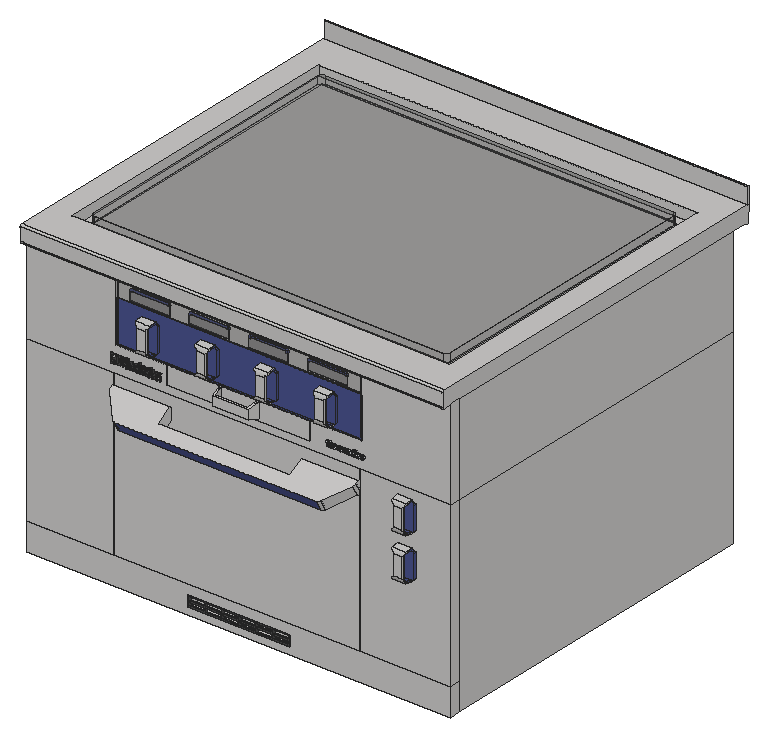
Revit family "QF_ELECTROLUXPROFESSIONAL_589653_MCLMEBJ8AO", category Attrezzature speciali, Revit 2020
Family settings
  Quota connettore circolare = Usa diametro
  Tipo di parte = Normale
  Basato su piano di lavoro = No
  Sempre verticale = Sì
  Taglio con vuoti quando caricato = No
  Condiviso = No
  Punto di calcolo locali = No
Parameters (values of type "Standard")
  Weight = 258.00 kg
  Watts = 21300 W
  Volts = 400 V
  URL Manufacturer = "https://www.electroluxprofessional.com/"
  URL = "https://www.electroluxprofessional.com/"
  Steam Supply Size = 0"
  Steam Supply Minimum Pressure = 0.00 psi
  Steam Supply Maximum Pressure = 0.00 psi
  Steam Consumption per Hour = 0
  Refrigeration Suction Line Size = 0 mm
  Refrigeration Liquid Line Size = 0 mm
  Refrigerant Compressor Remote = yes
  Prospetto di default = 0 mm
  Phase = 3
  Modello = "MCLMEBJ8AO"
  Produttore = "Electrolux Professional"
  Length Actual = 1000 mm  # constant formula
  Item Number = "589653"
  Hot Water Size = 0"
  Height Actual = 700 mm  # constant formula
  HP = "28.6 HP"
  Gas Size = 0"
  Gas KW = 0
  Gas Input Pressure = 0.0 Btu/h
  Direct Waste Size = 0"
  Descrizione = "EL.SOLID T,ECO,ST.OV,1S,BS,1000X900X700H"
  Depth Actual = 900 mm  # constant formula
  Cycle = 50 Hz
  Condensate Return Size = 0"
  Compressed Air Volume = 0 GPM
  Compressed Air Size = 0"
  Compressed Air Pressure = 0.00 psi
  Cold Water Size = 0"
  Accessory = yes
Reference planes
  plane 1 "BACK": y = 0
  plane 2: z = 0
  plane 3 "LEFT": x = -100
  plane 4 "RIGHT": x = 900
  plane 5 "FRONT": y = -900
  plane 6 "TOP": z = 900
  plane 7 "Center (Left/Right)": x = 400
  plane 8: y = -450
  plane 9: z = 200
  plane 10: y = -150
  plane 11 "Panel": y = -855
  plane 12: z = 798
  plane 13: z = 1327
  plane 14: x = -22
  plane 15: x = 822
  plane 16: y = -150
  plane 17: y = -650
  plane 18 "EIx": x = 855
  plane 19 "EIy": y = -685
  plane 20: y = -880
  plane 21: z = 938
Forms (mm)
  Extrusion 1, solid, material "QF_Finishes_Stainless Steel"
    sketch origin (-178.969, -4572, 200) x (-1, 0, 0) y (0, -1, 0)
      loop
        line (-78.969, -4527) -> (-78.969, -3717) -> (-1078.969, -3717) -> (-1078.969, -4527) -> (-78.969, -4527)
    from 450 to 663
  Extrusion 2, solid, material "QF_Finishes_Stainless Steel"
    sketch origin (-100, 0, 0) x (0, 1, 0) y (0, 0, 1)
      loop
        line (-855, 200) -> (-855, 265) -> (-880, 265) -> (-880, 200) -> (-855, 200)
    from 0 to 1000
  Extrusion 3, solid, material "QF_Finishes_Stainless Steel"
    sketch origin (-488.969, -4662, 200) x (-1, 0, 0) y (0, -1, 0)
      loop
        circle (-1343.969, -3977) r 6.35
    from 0 to -11.851
  Extrusion 4, solid, material "QF_Finishes_Stainless Steel"
    sketch origin (400, 296.4, 1219.2) x (0, 1, 0) y (0, 0, 1)
      loop
        line (-296.4, -319.2) -> (-1191.4, -319.2)
        arc (-1191.4, -319.2) -> (-1194.935, -320.664) -> (-1196.4, -324.2) r 5
        line (-1196.4, -324.2) -> (-1196.4, -355.2)
        arc (-1196.4, -355.2) -> (-1194.971, -358.264) -> (-1191.705, -359.139) r 4
        line (-1191.705, -359.139) -> (-1176.4, -356.231) -> (-316.4, -356.231) -> (-301.094, -359.139)
        arc (-301.094, -359.139) -> (-297.829, -358.264) -> (-296.4, -355.2) r 4
        line (-296.4, -355.2) -> (-296.4, -319.2)
    from -500 to 500
  Extrusion 5, solid, material "QF_Finishes_Electrolux_Black Smoke Iluminated"
    sketch origin (0, 0, 900) x (-1, 0, 0) y (0, -1, 0)
      loop
        arc (12, 109) -> (19.071, 111.929) -> (22, 119) r 10
        line (22, 119) -> (22, 780)
        arc (22, 780) -> (19.071, 787.071) -> (12, 790) r 10
        line (12, 790) -> (-812, 790)
        arc (-812, 790) -> (-819.071, 787.071) -> (-822, 780) r 10
        line (-822, 780) -> (-822, 119)
        arc (-822, 119) -> (-819.071, 111.929) -> (-812, 109) r 10
        line (-812, 109) -> (12, 109)
    from 0 to -20
  Extrusion 6, solid, material "QF_Finishes_Stainless Steel"
    sketch origin (-178.969, -4572, 200) x (-1, 0, 0) y (0, -1, 0)
      loop
        line (-78.969, -4527) -> (-78.969, -3717) -> (-1078.969, -3717) -> (-1078.969, -4527) -> (-78.969, -4527)
    from 450 to 0
  Extrusion 7, void
    sketch origin (0, -855, 0) x (-1, 0, 0) y (0, 0, 1)
      loop
        line (-520, 216.594) -> (-280, 216.594) -> (-280, 241.594) -> (-520, 241.594) -> (-520, 216.594)
    from 0 to -25
  Extrusion 8, solid, material "QF_Finishes_Black"
    sketch origin (0, -855, 0) x (-1, 0, 0) y (0, 0, 1)
      loop
        line (-280, 241.594) -> (-520, 241.594) -> (-520, 216.594) -> (-280, 216.594) -> (-280, 241.594)
      loop
        line (-282, 239.594) -> (-319.131, 239.594) -> (-319.131, 230.094) -> (-282, 230.094) -> (-282, 239.594)
      loop
        line (-282, 218.594) -> (-282, 228.094) -> (-319.131, 228.094) -> (-319.131, 218.594) -> (-282, 218.594)
      loop
        line (-321.131, 239.594) -> (-359.066, 239.594) -> (-359.066, 230.094) -> (-321.131, 230.094) -> (-321.131, 239.594)
      loop
        line (-399, 239.594) -> (-399, 230.094) -> (-361.066, 230.094) -> (-361.066, 239.594) -> (-399, 239.594)
      loop
        line (-401, 239.594) -> (-438.934, 239.594) -> (-438.934, 230.094) -> (-401, 230.094) -> (-401, 239.594)
      loop
        line (-359.066, 218.594) -> (-321.131, 218.594) -> (-321.131, 228.094) -> (-359.066, 228.094) -> (-359.066, 218.594)
      loop
        line (-361.066, 218.594) -> (-361.066, 228.094) -> (-399, 228.094) -> (-399, 218.594) -> (-361.066, 218.594)
      loop
        line (-401, 228.094) -> (-438.934, 228.094) -> (-438.934, 218.594) -> (-401, 218.594) -> (-401, 228.094)
      loop
        line (-518, 239.594) -> (-518, 230.094) -> (-480.869, 230.094) -> (-480.869, 239.594) -> (-518, 239.594)
      loop
        line (-518, 218.594) -> (-480.869, 218.594) -> (-480.869, 228.094) -> (-518, 228.094) -> (-518, 218.594)
      loop
        line (-478.869, 239.594) -> (-478.869, 230.094) -> (-440.934, 230.094) -> (-440.934, 239.594) -> (-478.869, 239.594)
      loop
        line (-440.934, 218.594) -> (-440.934, 228.094) -> (-478.869, 228.094) -> (-478.869, 218.594) -> (-440.934, 218.594)
    from -25.03 to -20
  Extrusion 9, void
    sketch origin (0, 0, 900) x (-1, 0, 0) y (0, -1, 0)
      loop
        line (47, 815) -> (-847, 815) -> (-847, 84) -> (47, 84) -> (47, 815)
    from 0 to -25
  Extrusion 10, solid, material "QF_Finishes_Stainless Steel"
    sketch origin (0, 0, 900) x (-1, 0, 0) y (0, -1, 0)
      loop
        line (18, 113) -> (18, 786) -> (-818, 786) -> (-818, 113) -> (18, 113)
    from -20 to -25
  Extrusion 11, solid, material "QF_Finishes_Stainless Steel"
    sketch origin (400, 296.4, 1219.2) x (0, 1, 0) y (0, 0, 1)
      loop
        line (-296.4, -319.2) -> (-296.4, -281.2) -> (-298.4, -281.2) -> (-298.4, -319.2) -> (-296.4, -319.2)
    from -500 to 500
Cuts and joins
  Extrusion 7 cuts Extrusion 6
  Extrusion 7 cuts Extrusion 2
  Extrusion 9 cuts Extrusion 4
Lines and regions (mm)
  symbolic lines
    curve 1: line (-100, 0, 200) -> (900, 0, 200)
    curve 2: line (-100, -900, 200) -> (-100, 0, 200)
    curve 3: line (900, -900, 200) -> (-100, -900, 200)
    curve 4: line (900, 0, 200) -> (900, -900, 200)
    curve 5: line (812, -109, 200) -> (-12, -109, 200)
    curve 6: line (-22, -119, 200) -> (-22, -780, 200)
    curve 7: line (-12, -790, 200) -> (812, -790, 200)
    curve 8: line (822, -780, 200) -> (822, -119, 200)
    curve 9: arc (-12, -109, 200) -> (-19.071, -111.929, 200) -> (-22, -119, 200) r 10
    curve 10: arc (822, -119, 200) -> (819.071, -111.929, 200) -> (812, -109, 200) r 10
    curve 11: arc (812, -790, 200) -> (819.071, -787.071, 200) -> (822, -780, 200) r 10
    curve 12: arc (-22, -780, 200) -> (-19.071, -787.071, 200) -> (-12, -790, 200) r 10
    curve 13: line (847, -84, 900) -> (-47, -84, 900)
    curve 14: line (-47, -84, 900) -> (-47, -815, 900)
    curve 15: line (847, -815, 900) -> (847, -84, 900)
    curve 16: line (-47, -815, 900) -> (847, -815, 900)
    curve 33: line (-100, -2, 900) -> (900, -2, 900)
  model lines, style "SpecialityEquipment"
    curve 17: arc (634, -211, 900) -> (580.967, -339.033, 900) -> (709, -286, 900) r 75
    curve 18: line (689, -286, 900) -> (729, -286, 900)
    curve 19: line (729, -286, 900) -> (709, -266, 900)
    curve 20: line (689, -286, 900) -> (709, -266, 900)
    curve 21: arc (166, -211, 900) -> (112.967, -339.033, 900) -> (241, -286, 900) r 75
    curve 22: line (221, -286, 900) -> (261, -286, 900)
    curve 23: line (261, -286, 900) -> (241, -266, 900)
    curve 24: line (221, -286, 900) -> (241, -266, 900)
    curve 25: arc (634, -539, 900) -> (580.967, -667.033, 900) -> (709, -614, 900) r 75
    curve 26: line (689, -614, 900) -> (729, -614, 900)
    curve 27: line (729, -614, 900) -> (709, -594, 900)
    curve 28: line (689, -614, 900) -> (709, -594, 900)
    curve 29: arc (166, -539, 900) -> (112.967, -667.033, 900) -> (241, -614, 900) r 75
    curve 30: line (221, -614, 900) -> (261, -614, 900)
    curve 31: line (261, -614, 900) -> (241, -594, 900)
    curve 32: line (221, -614, 900) -> (241, -594, 900)
Dimensions and locks
  plane 3 "LEFT" to plane 4 "RIGHT" = 1000 mm
  plane 5 "FRONT" to plane 1 "BACK" = 900 mm
  plane 3 "LEFT" to plane 7 "Center (Left/Right)" to plane 4 "RIGHT" = 500 mm, 500 mm
  equal spacing: plane 5 "FRONT", plane 8, plane 1 "BACK"
  plane 6 "TOP" to level = 900 mm  (x2)
  plane 9 to level = 200 mm
  plane 1 "BACK" to plane 10 to plane 11 "Panel" = 150 mm, 705 mm  (x2)
  plane 6 "TOP" to plane 9 to level = 700 mm, 200 mm
  plane 1 "BACK" to plane 5 "FRONT" = 900 mm
  plane 1 "BACK" to Extrusion 3 = 685 mm
  plane 12 to plane 9 = 598 mm
  plane 13 to plane 6 "TOP" = 427 mm
  plane 6 "TOP" to plane 12 = 102 mm
  plane 14 to plane 3 "LEFT" = 78 mm
  plane 15 to plane 4 "RIGHT" = 78 mm
  locked: plane 1 "BACK" to plane 16 at 150
  locked: plane 16 to plane 17 at 500
  plane 11 "Panel" to plane 5 "FRONT" = 45 mm
  plane 18 "EIx" to plane 4 "RIGHT" = 45 mm
  plane 19 "EIy" to plane 1 "BACK" = 685 mm
  locked: plane 11 "Panel" to plane 20 at 25
  plane 21 to plane 6 "TOP" = 38 mm
  aligned and locked: level to plane 2
  aligned and locked: Extrusion 2 to plane 4 "RIGHT"
  aligned and locked: cut or joined group of Extrusion 4, Extrusion 9 to plane 3 "LEFT"
  aligned and locked: cut or joined group of Extrusion 4, Extrusion 9 to plane 4 "RIGHT"
  aligned and locked: cut or joined group of Extrusion 6, Extrusion 7 to plane 4 "RIGHT"
  aligned and locked: cut or joined group of Extrusion 6, Extrusion 7 to plane 3 "LEFT"
  aligned and locked: nested 1 to plane 11 "Panel"
  aligned and locked: nested 4 to plane 11 "Panel"
  aligned and locked: Extrusion 1 to plane 11 "Panel"
  aligned and locked: plane 11 "Panel" to cut or joined group of Extrusion 2, Extrusion 7
  aligned and locked: nested 2 to plane 20
  aligned and locked: nested 3 to plane 20
  aligned and locked: Extrusion 1 to plane 3 "LEFT"
  aligned and locked: Extrusion 1 to plane 4 "RIGHT"
  aligned and locked: plane 3 "LEFT" to nested 1
  aligned and locked: Extrusion 11 to plane 3 "LEFT"
  aligned and locked: Extrusion 11 to plane 4 "RIGHT"
Automatic sketch dimensions
  Extrusion 1 sketch curve to plane 4 "RIGHT" = 0 mm
  Extrusion 1 sketch curve to plane 3 "LEFT" = 0 mm
  Extrusion 1 sketch curve to plane 11 "Panel" = 0 mm
  plane 1 "BACK" to Extrusion 1 sketch curve = 45 mm
  Extrusion 2 sketch curve to plane 9 = 0 mm
  Extrusion 2 sketch curve to plane 20 = 0 mm
  Extrusion 2 sketch curve to plane 11 "Panel" = 0 mm
  plane 9 to Extrusion 2 sketch curve = 65 mm
  plane 1 "BACK" to curve 1 = 0 mm
  curve 1 to plane 4 "RIGHT" = 0 mm
  curve 8 to plane 15 = 0 mm
  curve 6 to plane 14 = 0 mm
  curve 2 to plane 3 "LEFT" = 0 mm
  plane 5 "FRONT" to curve 3 = 0 mm
  plane 15 to curve 5 = 10 mm
  plane 15 to curve 11 = 10 mm
  curve 5 to plane 14 = 10 mm
  curve 12 to curve 12 = 10 mm
  plane 10 to curve 5 = 41 mm
  plane 11 "Panel" to curve 11 = 75 mm
  Extrusion 3 sketch curve to plane 18 "EIx" = 0 mm
  Extrusion 3 sketch curve to plane 19 "EIy" = 0 mm
  Extrusion 4 sketch curve to plane 5 "FRONT" = 0 mm
  Extrusion 4 sketch curve to plane 6 "TOP" = 0 mm
  Extrusion 4 sketch curve to plane 20 = 0 mm
  Extrusion 4 sketch curve to plane 1 "BACK" = 0 mm
  Extrusion 4 sketch curve to Extrusion 4 sketch curve = 4 mm
  Extrusion 4 sketch curve to Extrusion 4 sketch curve = 0.695 mm
  Extrusion 4 sketch curve to plane 5 "FRONT" = 5 mm
  plane 1 "BACK" to Extrusion 4 sketch curve = 20 mm
  plane 1 "BACK" to Extrusion 4 sketch curve = 4.695 mm
  plane 1 "BACK" to Extrusion 4 sketch curve = 4 mm
  Extrusion 4 sketch curve to Extrusion 4 sketch curve = 31 mm
  Extrusion 4 sketch curve to Extrusion 4 sketch curve = 36 mm
  Extrusion 4 sketch curve to Extrusion 4 sketch curve = 2.909 mm
  Extrusion 5 sketch curve to plane 15 = 0 mm
  Extrusion 5 sketch curve to plane 14 = 0 mm
  plane 15 to Extrusion 5 sketch curve = 10 mm  (x2)
  Extrusion 5 sketch curve to Extrusion 5 sketch curve = 10 mm  (x2)
  plane 10 to Extrusion 5 sketch curve = 41 mm
  plane 11 "Panel" to Extrusion 5 sketch curve = 75 mm
  Extrusion 6 sketch curve to plane 4 "RIGHT" = 0 mm
  Extrusion 6 sketch curve to plane 3 "LEFT" = 0 mm
  Extrusion 6 sketch curve to plane 11 "Panel" = 0 mm
  plane 1 "BACK" to Extrusion 6 sketch curve = 45 mm
  plane 9 to Extrusion 7 sketch curve = 41.594 mm
  plane 7 "Center (Left/Right)" to Extrusion 7 sketch curve = 120 mm
  Extrusion 7 sketch curve to plane 7 "Center (Left/Right)" = 120 mm
  plane 9 to Extrusion 7 sketch curve = 16.594 mm
  plane 9 to Extrusion 8 sketch curve = 41.594 mm
  plane 7 "Center (Left/Right)" to Extrusion 8 sketch curve = 120 mm
  Extrusion 8 sketch curve to Extrusion 8 sketch curve = 2 mm  (x15)
  Extrusion 8 sketch curve to Extrusion 8 sketch curve = 0 mm  (x16)
  Extrusion 8 sketch curve to Extrusion 8 sketch curve = 37.131 mm  (x2)
  Extrusion 8 sketch curve to Extrusion 8 sketch curve = 37.934 mm  (x3)
  plane 7 "Center (Left/Right)" to Extrusion 8 sketch curve = 1 mm  (x2)
  Extrusion 8 sketch curve to plane 7 "Center (Left/Right)" = 1 mm  (x2)
  plane 9 to Extrusion 8 sketch curve = 18.594 mm  (x4)
  Extrusion 8 sketch curve to Extrusion 8 sketch curve = 9.5 mm  (x6)
  plane 18 "EIx" to Extrusion 9 sketch curve = 8 mm
  plane 14 to Extrusion 9 sketch curve = 25 mm
  plane 10 to Extrusion 9 sketch curve = 66 mm
  plane 11 "Panel" to Extrusion 9 sketch curve = 40 mm
  plane 15 to Extrusion 10 sketch curve = 4 mm
  Extrusion 10 sketch curve to plane 14 = 4 mm
  plane 10 to Extrusion 10 sketch curve = 37 mm
  plane 11 "Panel" to Extrusion 10 sketch curve = 69 mm
  curve 33 to plane 4 "RIGHT" = 0 mm
  curve 33 to plane 3 "LEFT" = 0 mm
  plane 18 "EIx" to curve 13 = 8 mm
  curve 27 to plane 17 = 36 mm
  plane 15 to curve 27 = 93 mm
  plane 15 to curve 18 = 93 mm
  curve 18 to curve 20 = 20 mm
  curve 26 to curve 27 = 20 mm
  curve 19 to curve 18 = 20 mm
  curve 28 to curve 26 = 20 mm
  curve 26 to curve 25 = 55 mm
  curve 18 to curve 17 = 55 mm
  curve 23 to plane 7 "Center (Left/Right)" = 139 mm
  curve 31 to plane 17 = 36 mm
  curve 31 to plane 7 "Center (Left/Right)" = 139 mm
  curve 30 to curve 31 = 20 mm
  curve 22 to curve 23 = 20 mm
  curve 32 to curve 32 = 20 mm
  curve 23 to curve 22 = 20 mm
  curve 30 to curve 29 = 55 mm
  curve 22 to curve 21 = 55 mm
  plane 14 to curve 13 = 25 mm
  curve 24 to plane 10 = 136 mm
  curve 18 to plane 10 = 136 mm
  plane 10 to curve 15 = 66 mm
  plane 11 "Panel" to curve 16 = 40 mm
  curve 17 to curve 18 = 20 mm
  curve 25 to curve 26 = 20 mm
  curve 21 to curve 22 = 20 mm
  curve 29 to curve 30 = 20 mm
  plane 1 "BACK" to curve 33 = 2 mm
  Extrusion 11 sketch curve to plane 6 "TOP" = 0 mm
  Extrusion 11 sketch curve to plane 21 = 0 mm
  Extrusion 11 sketch curve to plane 1 "BACK" = 0 mm
  plane 1 "BACK" to Extrusion 11 sketch curve = 2 mm
  radius of Extrusion 3 sketch curve = 6.35 mm
Nested families
  nested 1: "Door_Panel_W1000_A" at (400, -855, 0), type "Door_Panel_W1000_A"
  nested 2: "FIT Range Control Handle" at (795, -883.137, -372.751), type "FIT Range Control Handle"
  nested 3: "FIT Range Control Handle" at (795, -883.137, -474.751), type "FIT Range Control Handle"
  nested 4: "Front_Panel_W1000_Four Knobs" at (102.376, -855, 0), type "Front_Panel_W1000_Four Knobs"
Connectors
  electrical at (855, -685, 188.149)
    settings: on Extrusion 3, index 1, voltage 400 V, apparent load 33000 VA, apparent load phase1 0 VA, apparent load phase2 0 VA, apparent load phase3 0 VA, power factor 1, load classification "Other", number of poles 1, system type 30, power factor state 1, is connector primary yes, connector utility no, sub classification motor no, connector description "ELECTRICAL CONNECTION"
Definition of nested family "Door_Panel_W1000_A"
  Parameters
    Default Elevation = 0 mm
  Reference planes
    plane 1 "Center (Front/Back)": y = 0
    plane 2 "Ref. Level": z = 0
    plane 3: x = 500
    plane 4: x = -500
    plane 5 "Center (Left/Right)": x = 0
    plane 6: x = -295
    plane 7: x = 285
    plane 8 "Manopola": through (-6096, -50.059, 612.389) normal (0, -0.515, 0.8572)
    plane 9 "Top": z = 650
    plane 10: z = 265
    plane 11: z = 200
  Forms (mm)
    Extrusion 1, solid
      sketch origin (0, 0, 0) x (0, 1, 0) y (0, 0, 1)
        loop
          line (-25.03, 650) -> (-25.03, 265) -> (0, 265) -> (0, 650) -> (-25.03, 650)
      from 285 to 500
    Extrusion 2, solid
      sketch origin (0, 0, 0) x (0, 1, 0) y (0, 0, 1)
        loop
          line (-25.03, 650) -> (-25.03, 265) -> (0, 265) -> (0, 650) -> (-25.03, 650)
      from -500 to -295
    Extrusion 3, solid
      sketch origin (0, 0, 0) x (0, 1, 0) y (0, 0, 1)
        loop
          line (-25.03, 650) -> (-25.03, 265) -> (0, 265) -> (0, 650) -> (-25.03, 650)
      from -295 to 285
    Extrusion 4, solid
      sketch origin (0, -283.633, 472.044) x (0, 0.857167, 0.515038) y (-1, 0, 0)
        loop
          line (299.12, -285) -> (299.12, 295) -> (290.982, 295)
          arc (290.982, 295) -> (286.677, 294.026) -> (283.211, 291.293) r 10
          line (283.211, 291.293) -> (233.28, 250.86)
          arc (233.28, 250.86) -> (230.548, 247.394) -> (229.574, 243.089) r 10
          line (229.574, 243.089) -> (229.574, -233.089)
          arc (229.574, -233.089) -> (230.548, -237.394) -> (233.28, -240.86) r 10
          line (233.28, -240.86) -> (283.211, -281.293)
          arc (283.211, -281.293) -> (286.677, -284.026) -> (290.982, -285) r 10
          line (290.982, -285) -> (299.12, -285)
      from -27 to 0
    Extrusion 5, void
      sketch origin (0, 0, 0) x (0, 1, 0) y (0, 0, 1)
        loop
          line (-61.514, 605.507) -> (-47.608, 582.363) -> (-25.03, 595.93) -> (-25.03, 627.429) -> (-61.514, 605.507)
      from -160 to 150
    Extrusion 6, solid, detail levels coarse
      sketch origin (0, 0, 0) x (0, 1, 0) y (0, 0, 1)
        loop
          line (-25.03, 265) -> (-25.03, 650)
          arc (-25.03, 650) -> (-297.266, 537.236) -> (-410.03, 265) r 385
          line (-410.03, 265) -> (-25.03, 265)
      from -295 to 285
  Cuts and joins
    Extrusion 5 cuts Extrusion 4
    joined: Extrusion 3, Extrusion 4
  Lines and regions (mm)
    symbolic lines
      curve 1: line (-287.355, -45.043, 0) -> (-250.86, -83.673, 0)
      curve 2: line (-243.089, -86.85, 0) -> (233.089, -86.85, 0)
      curve 3: line (240.86, -83.673, 0) -> (277.355, -45.043, 0)
      curve 4: arc (-243.089, -86.85, 0) -> (-247.318, -86.101, 0) -> (-250.86, -83.673, 0) r 10.165
      curve 5: arc (233.089, -86.85, 0) -> (237.318, -86.101, 0) -> (240.86, -83.673, 0) r 10.165
      curve 6: line (-295, -45.043, 0) -> (-295, -410.03, 0)
      curve 7: line (-295, -410.03, 0) -> (285, -410.03, 0)
      curve 8: line (285, -410.03, 0) -> (285, -45.03, 0)
  Dimensions and locks
    plane 3 to plane 4 = 1000 mm
    plane 4 to plane 3 = 1000 mm
    equal spacing: plane 3, plane 5 "Center (Left/Right)", plane 4
    plane 6 to plane 4 = 205 mm
    plane 3 to plane 7 = 215 mm
    plane 11 to level = 200 mm
    plane 10 to plane 11 = 65 mm
    plane 10 to plane 9 "Top" = 385 mm
    plane 9 "Top" to plane 11 = 450 mm
    aligned and locked: plane 3 to Extrusion 1
    aligned and locked: cut or joined group of Extrusion 3, Extrusion 4, Extrusion 5 to plane 6
    aligned and locked: cut or joined group of Extrusion 3, Extrusion 4, Extrusion 5 to plane 7
    aligned and locked: plane 7 to Extrusion 1
    aligned and locked: plane 6 to Extrusion 2
    aligned and locked: Extrusion 2 to plane 4
    aligned and locked: plane 10 to Extrusion 2
    aligned and locked: plane 10 to cut or joined group of Extrusion 3, Extrusion 4, Extrusion 5
    aligned and locked: plane 10 to Extrusion 1
    aligned and locked: Extrusion 6 to plane 6
    aligned and locked: Extrusion 6 to plane 7
  Automatic sketch dimensions
    Extrusion 5 sketch curve to plane 8 "Manopola" = 0 mm  (x2)
    plane 1 "Center (Front/Back)" to Extrusion 5 sketch curve = 61.514 mm
    Extrusion 5 sketch curve to Extrusion 5 sketch curve = 13.906 mm
    plane 1 "Center (Front/Back)" to Extrusion 5 sketch curve = 25.03 mm
    Extrusion 4 sketch curve to plane 7 = 0 mm
    Extrusion 4 sketch curve to plane 6 = 0 mm
    plane 6 to Extrusion 4 sketch curve = 51.911 mm
    plane 7 to Extrusion 4 sketch curve = 44.14 mm
    Extrusion 4 sketch curve to Extrusion 4 sketch curve = 3.707 mm  (x2)
    plane 6 to Extrusion 4 sketch curve = 44.14 mm
    plane 7 to Extrusion 4 sketch curve = 3.707 mm
    Extrusion 4 sketch curve to Extrusion 4 sketch curve = 49.93 mm  (x2)
    plane 6 to Extrusion 4 sketch curve = 3.707 mm
    Extrusion 4 sketch curve to Extrusion 4 sketch curve = 7.771 mm  (x3)
    Extrusion 4 sketch curve to Extrusion 4 sketch curve = 8.138 mm
    Extrusion 2 sketch curve to plane 1 "Center (Front/Back)" = 0 mm
    Extrusion 3 sketch curve to plane 1 "Center (Front/Back)" = 0 mm
    Extrusion 1 sketch curve to plane 1 "Center (Front/Back)" = 0 mm
    Extrusion 2 sketch curve to plane 9 "Top" = 0 mm
    Extrusion 2 sketch curve to Extrusion 2 sketch curve = 25.03 mm
    Extrusion 3 sketch curve to plane 9 "Top" = 0 mm
    Extrusion 3 sketch curve to Extrusion 3 sketch curve = 25.03 mm
    Extrusion 1 sketch curve to plane 9 "Top" = 0 mm
    plane 1 "Center (Front/Back)" to Extrusion 1 sketch curve = 25.03 mm
    level to Extrusion 1 sketch curve = 265 mm
    level to Extrusion 2 sketch curve = 265 mm
    level to Extrusion 3 sketch curve = 265 mm
    plane 10 to Extrusion 6 sketch curve = 0 mm
    Extrusion 6 sketch curve to plane 9 "Top" = 0 mm
    plane 1 "Center (Front/Back)" to Extrusion 6 sketch curve = 25.03 mm
    curve 7 to plane 7 = 0 mm
    plane 6 to curve 1 = 44.14 mm
    curve 4 to curve 4 = 7.389 mm
    curve 4 to curve 2 = 7.771 mm
    plane 7 to curve 2 = 51.911 mm
    curve 2 to curve 5 = 0.382 mm
    curve 2 to curve 3 = 7.771 mm
    plane 1 "Center (Front/Back)" to curve 6 = 410.03 mm
    plane 1 "Center (Front/Back)" to curve 2 = 86.85 mm
    curve 2 to curve 3 = 3.177 mm
    curve 2 to curve 1 = 3.177 mm
    plane 7 to curve 3 = 7.645 mm
    plane 1 "Center (Front/Back)" to curve 3 = 45.043 mm
    curve 3 to curve 8 = 0.013 mm
    curve 7 to plane 6 = 0 mm
    curve 6 to curve 1 = 7.645 mm
    plane 1 "Center (Front/Back)" to curve 1 = 45.043 mm
    curve 6 to curve 1 = 0 mm
Definition of nested family "FIT Range Control Handle"
  Parameters
    Default Elevation = 0 mm
  Reference planes
    plane 1 "Center (Front/Back)": y = 0
    plane 2: z = 0
    plane 3 "Center (Left/Right)": x = 0
    plane 4: z = 971.092
    plane 5: y = -16.8
  Forms (mm)
    Extrusion 1, solid
      sketch origin (-746.28, 380.497, 208.931) x (-1, 0, 0) y (0, 0, 1)
        loop
          line (-770.101, 786.798) -> (-770.101, 731.649)
          arc (-770.101, 731.649) -> (-769.759, 730.563) -> (-768.855, 729.87) r 1.893
          line (-768.855, 729.87) -> (-763.474, 727.911) -> (-729.81, 727.911) -> (-724.428, 729.87)
          arc (-724.428, 729.87) -> (-723.525, 730.563) -> (-723.183, 731.649) r 1.893
          line (-723.183, 731.649) -> (-723.183, 786.798)
          arc (-723.183, 786.798) -> (-723.529, 787.894) -> (-724.44, 788.593) r 1.91
          line (-724.44, 788.593) -> (-729.683, 790.819) -> (-763.601, 790.819) -> (-768.844, 788.593)
          arc (-768.844, 788.593) -> (-769.755, 787.894) -> (-770.101, 786.798) r 1.91
      from -382.35 to -378.852
    Sweep 2, solid
      path origin (-746.788, 380.496, 208.091) x (0, -1, 0) y (0, 0, 1)
        loop
          line (379.775, 793.281) -> (395.661, 791.048)
          arc (395.661, 791.048) -> (397.781, 787.377) -> (398.517, 783.202) r 12.207
          line (398.517, 783.202) -> (398.517, 737.368)
          arc (398.517, 737.368) -> (397.781, 733.193) -> (395.661, 729.522) r 12.207
          line (395.661, 729.522) -> (379.775, 727.289)
      profile origin (-746.788, -7.222, 1000.256) x (0, -0.139173, 0.990268) y (-1, 0, 0)
        loop
          line (0.782, -763.123) -> (0.782, -730.907) -> (-1.322, -730.907) -> (-1.322, -763.123) -> (0.782, -763.123)
    Sweep 3, solid
      path origin (-746.788, 380.715, 207.832) x (0, -1, 0) y (0, 0, 1)
        loop
          line (380.478, 795.442) -> (397.218, 793.09)
          arc (397.218, 793.09) -> (399.929, 788.473) -> (400.871, 783.202) r 15.207
          line (400.871, 783.202) -> (400.871, 737.584)
          arc (400.871, 737.584) -> (399.914, 732.274) -> (397.164, 727.633) r 15.207
          line (397.164, 727.633) -> (380.601, 725.305)
      profile origin (-746.788, -8.132, 1002.099) x (0, -0.139173, 0.990268) y (-1, 0, 0)
        loop
          line (0.782, -763.123) -> (0.782, -730.907) -> (-1.322, -730.907) -> (-1.322, -763.123) -> (0.782, -763.123)
    Extrusion 4, void
      sketch origin (889.253, 220.666, 207.993) x (1, 0, 0) y (0, 0, 1)
        loop
          line (-943.038, 816.854) -> (-943.038, 703.686) -> (-899.466, 734.196) -> (-899.466, 786.344) -> (-943.038, 816.854)
      from 230.636 to 242.25
    Extrusion 5, void
      sketch origin (-888.8, 220.666, 207.993) x (-1, 0, 0) y (0, 0, -1)
        loop
          line (-943.038, -816.854) -> (-899.466, -786.344) -> (-899.466, -734.196) -> (-943.038, -703.686) -> (-943.038, -816.854)
      from 230.636 to 242.25
    Extrusion 6, solid
      sketch origin (0, 0, 0) x (1, 0, 0) y (0, 0, 1)
        loop
          circle (0, 971.092) r 7.736
      from -3.137 to -1.645
  Cuts and joins
    Extrusion 4, Extrusion 5 cuts Sweep 3
    Extrusion 4, Extrusion 5 cuts Sweep 2
    joined: Extrusion 1, Extrusion 6
  Lines and regions (mm)
    symbolic lines
      curve 1: line (-15.881, -19.189, 0) -> (-15.881, -16.8, 0)
      curve 2: line (16.334, -19.189, 0) -> (16.334, -16.8, 0)
      curve 3: spline (-15.881, -19.189, 0) -> (-15.417, -19.349, 0) -> (-14.951, -19.501, 0) -> (-14.483, -19.646, 0) -> (-14.014, -19.783, 0) -> (-13.543, -19.912, 0) -> (-13.071, -20.033, 0) -> (-12.597, -20.146, 0) -> (-12.122, -20.251, 0) -> (-11.646, -20.349, 0) -> (-11.169, -20.438, 0) -> (-10.691, -20.52, 0) -> (-10.213, -20.593, 0)
      curve 4: spline (10.666, -20.593, 0) -> (11.144, -20.52, 0) -> (11.622, -20.438, 0) -> (12.099, -20.349, 0) -> (12.575, -20.251, 0) -> (13.05, -20.146, 0) -> (13.524, -20.033, 0) -> (13.996, -19.912, 0) -> (14.467, -19.783, 0) -> (14.936, -19.646, 0) -> (15.404, -19.501, 0) -> (15.87, -19.349, 0) -> (16.334, -19.189, 0)
      curve 5: line (-10.213, -20.938, 0) -> (10.716, -20.938, 0)
  Dimensions and locks
    cut or joined group of Sweep 3, Extrusion 4, Extrusion 5 to cut or joined group of Sweep 3, Extrusion 4, Extrusion 5 = 71.686 mm
Definition of nested family "Front_Panel_W1000_Four Knobs"
  Parameters
    Default Elevation = 0 mm
  Reference planes
    plane 1 "Center (Front/Back)": y = 0
    plane 2: z = 0
    plane 3 "Center (Left/Right)": x = 297.624
    plane 4 "Left": x = -202.376
    plane 5 "Right": x = 797.624
    plane 6: y = -45
    plane 7: x = 87.624
    plane 8: x = 227.624
    plane 9: y = -310
    plane 10: y = -25
    plane 11: x = -2.376
    plane 12: x = 367.624
    plane 13: x = 507.624
    plane 14: x = 594.715
  Forms (mm)
    Extrusion 1, solid
      sketch origin (833.217, 829.203, -1.25) x (0, 1, 0) y (0, 0, 1)
        loop
          line (-854.203, 651.25) -> (-829.203, 651.25) -> (-829.203, 864.25) -> (-854.203, 864.25) -> (-854.203, 651.25)
      from -1035.593 to -35.593
    Extrusion 2, void
      sketch origin (0, 0, 0) x (1, 0, 0) y (0, 0, 1)
        loop
          line (7.624, 853.866) -> (7.624, 711.866) -> (587.624, 711.866) -> (587.624, 853.866) -> (7.624, 853.866)
      from 19.387 to 33.951
    Extrusion 3, void
      sketch origin (0, 0, 0) x (1, 0, 0) y (0, 0, 1)
        loop
          line (128.624, 711.866) -> (128.624, 668.866) -> (466.624, 668.866) -> (466.624, 711.866) -> (128.624, 711.866)
      from 19.387 to 25
    Extrusion 4, solid
      sketch origin (150, 0, 1) x (1, 0, 0) y (0, 0, 1)
        loop
          line (-21.376, 710.866) -> (-21.376, 667.866) -> (316.624, 667.866) -> (316.624, 710.866) -> (-21.376, 710.866)
      from 19.387 to 25
    Extrusion 5, solid
      sketch origin (150, 0, 1) x (1, 0, 0) y (0, 1, 0)
        loop
          line (106.059, -25) -> (100.966, -25) -> (105.646, -49.075) -> (189.603, -49.075) -> (194.283, -25) -> (189.189, -25) -> (185.481, -44.075) -> (109.767, -44.075) -> (106.059, -25)
      from 672.593 to 705.67
    Extrusion 6, void
      sketch origin (297.624, 0, 1) x (0, 1, 0) y (0, 0, 1)
        loop
          line (-30, 705.67) -> (-30, 710.67) -> (-56.744, 710.67) -> (-56.744, 667.593) -> (-30, 667.593) -> (-30, 672.593) -> (-53.776, 680.318) -> (-53.776, 697.945) -> (-30, 705.67)
      from -50 to 50
    Extrusion 7, solid, detail levels coarse
      sketch origin (150, -265, 1) x (1, 0, 0) y (0, 1, 0)
        loop
          line (106.164, -71.744) -> (189.084, -71.744) -> (194.283, -45) -> (316.624, -45) -> (316.624, 240) -> (-21.376, 240) -> (-21.376, -45) -> (100.966, -45) -> (106.164, -71.744)
      from 672.593 to 705.67
    Extrusion 8, void
      sketch origin (297.624, -280, 1) x (0, 1, 0) y (0, 0, 1)
        loop
          line (-30, 705.67) -> (-30, 710.67) -> (-56.744, 710.67) -> (-56.744, 667.593) -> (-30, 667.593) -> (-30, 672.593) -> (-53.776, 680.318) -> (-53.776, 697.945) -> (-30, 705.67)
      from -50 to 50
  Cuts and joins
    Extrusion 2, Extrusion 3 cuts Extrusion 1
    Extrusion 6 cuts Extrusion 5
    Extrusion 6, Extrusion 8 cuts Extrusion 7
  Lines and regions (mm)
    symbolic lines
      curve 1: line (128.624, -45, 0) -> (128.624, -310, 0)
      curve 2: line (128.624, -310, 0) -> (466.624, -310, 0)
      curve 3: line (466.624, -310, 0) -> (466.624, -45, 0)
      curve 4: line (128.624, -300, 0) -> (466.624, -300, 0)
      curve 5: line (250.908, -309.701, 0) -> (255.587, -333.776, 0)
      curve 6: line (255.587, -333.776, 0) -> (339.545, -333.776, 0)
      curve 7: line (339.545, -333.776, 0) -> (344.225, -309.701, 0)
      curve 8: line (256.001, -309.701, 0) -> (259.709, -328.776, 0)
      curve 9: line (259.709, -328.776, 0) -> (335.423, -328.776, 0)
      curve 10: line (335.423, -328.776, 0) -> (339.131, -309.701, 0)
  Dimensions and locks
    equal spacing: plane 5 "Right", plane 3 "Center (Left/Right)", plane 4 "Left"
    plane 5 "Right" to plane 4 "Left" = 1000 mm
    plane 3 "Center (Left/Right)" to plane 7 = 210 mm
    plane 3 "Center (Left/Right)" to plane 8 = 70 mm
    plane 6 to plane 9 = 265 mm
    plane 13 to plane 3 "Center (Left/Right)" = 210 mm
    plane 12 to plane 3 "Center (Left/Right)" = 70 mm
    aligned and locked: cut or joined group of Extrusion 1, Extrusion 2, Extrusion 3 to plane 4 "Left"
    aligned and locked: plane 5 "Right" to cut or joined group of Extrusion 1, Extrusion 2, Extrusion 3
    aligned and locked: plane 3 "Center (Left/Right)" to nested 2
    aligned and locked: cut or joined group of Extrusion 1, Extrusion 2, Extrusion 3 to nested 2
  Automatic sketch dimensions
    plane 7 to Extrusion 3 sketch curve = 41 mm
    plane 3 "Center (Left/Right)" to Extrusion 3 sketch curve = 169 mm
    level to Extrusion 3 sketch curve = 668.866 mm
    Extrusion 3 sketch curve to Extrusion 3 sketch curve = 43 mm
    Extrusion 1 sketch curve to plane 1 "Center (Front/Back)" = 0 mm
    level to Extrusion 1 sketch curve = 650 mm
    plane 4 "Left" to Extrusion 2 sketch curve = 210 mm
    Extrusion 2 sketch curve to plane 5 "Right" = 210 mm
    level to Extrusion 2 sketch curve = 711.866 mm
    Extrusion 2 sketch curve to Extrusion 2 sketch curve = 142 mm
    plane 6 to curve 1 = 0 mm
    plane 6 to curve 3 = 0 mm
    plane 9 to curve 1 = 0 mm
    plane 7 to curve 1 = 41 mm
    curve 1 to curve 4 = 10 mm
    Extrusion 1 sketch curve to plane 6 = 20 mm
    Extrusion 1 sketch curve to Extrusion 1 sketch curve = 213 mm
    plane 7 to Extrusion 4 sketch curve = 41 mm
    Extrusion 4 sketch curve to plane 13 = 41 mm
    level to Extrusion 4 sketch curve = 668.866 mm
    Extrusion 4 sketch curve to Extrusion 4 sketch curve = 43 mm
    plane 10 to Extrusion 5 sketch curve = 0 mm  (x2)
    plane 8 to Extrusion 5 sketch curve = 23.342 mm
    plane 6 to Extrusion 5 sketch curve = 4.075 mm
    Extrusion 5 sketch curve to Extrusion 5 sketch curve = 4.68 mm
    Extrusion 5 sketch curve to Extrusion 5 sketch curve = 5.094 mm  (x2)
    Extrusion 5 sketch curve to plane 6 = 0.925 mm
    Extrusion 5 sketch curve to Extrusion 5 sketch curve = 4.122 mm  (x2)
    Extrusion 5 sketch curve to plane 12 = 32.143 mm
    Extrusion 5 sketch curve to Extrusion 5 sketch curve = 3.708 mm
    plane 6 to Extrusion 6 sketch curve = 11.744 mm
    plane 6 to Extrusion 6 sketch curve = 8.776 mm
    plane 10 to Extrusion 6 sketch curve = 5 mm  (x2)
    level to Extrusion 6 sketch curve = 668.593 mm
    Extrusion 6 sketch curve to Extrusion 6 sketch curve = 5 mm
    Extrusion 6 sketch curve to Extrusion 6 sketch curve = 12.725 mm  (x2)
    Extrusion 6 sketch curve to Extrusion 6 sketch curve = 17.627 mm
    Extrusion 6 sketch curve to Extrusion 6 sketch curve = 7.725 mm
    plane 10 to Extrusion 7 sketch curve = 0 mm
    Extrusion 7 sketch curve to plane 9 = 0 mm  (x2)
    plane 7 to Extrusion 7 sketch curve = 41 mm
    plane 8 to Extrusion 7 sketch curve = 23.342 mm
    Extrusion 7 sketch curve to Extrusion 7 sketch curve = 5.199 mm
    Extrusion 7 sketch curve to plane 12 = 28.54 mm
    Extrusion 7 sketch curve to plane 12 = 23.342 mm
    Extrusion 7 sketch curve to plane 13 = 41 mm
    Extrusion 7 sketch curve to plane 9 = 26.744 mm
    Extrusion 8 sketch curve to plane 9 = 0 mm  (x2)
    Extrusion 8 sketch curve to plane 9 = 23.776 mm
    Extrusion 8 sketch curve to Extrusion 8 sketch curve = 2.968 mm
    level to Extrusion 8 sketch curve = 668.593 mm
    Extrusion 8 sketch curve to Extrusion 8 sketch curve = 5 mm
    Extrusion 8 sketch curve to Extrusion 8 sketch curve = 12.725 mm  (x2)
    Extrusion 8 sketch curve to Extrusion 8 sketch curve = 17.627 mm
    Extrusion 8 sketch curve to Extrusion 8 sketch curve = 7.725 mm
    curve 3 to plane 13 = 41 mm
    plane 9 to curve 5 = 0.299 mm
    plane 8 to curve 5 = 23.283 mm
    curve 5 to curve 5 = 4.68 mm
    plane 9 to curve 8 = 0.299 mm
    curve 5 to curve 8 = 5.094 mm
    curve 5 to curve 9 = 4.122 mm
    curve 9 to plane 12 = 32.201 mm
    plane 9 to curve 10 = 0.299 mm
    curve 9 to curve 10 = 3.708 mm
    curve 9 to curve 7 = 4.122 mm
    plane 9 to curve 7 = 0.299 mm
    curve 10 to curve 7 = 5.094 mm
    curve 9 to plane 9 = 18.776 mm
    curve 6 to curve 8 = 5 mm
  Nested families
    nested 1: "Range Control Handle" at (87.624, -28.137, -209.113) x (-1, 0, 0) z (0, 0, 1), type "Range Control Handle"
    nested 2: "Front glass control panel W1000" at (297.624, 280.644, 2.752), type "Front glass control panel W1000"
    nested 3: "Range Control Handle" at (227.624, -28.137, -209.113) x (-1, 0, 0) z (0, 0, 1), type "Range Control Handle"
    nested 4: "Range Control Handle" at (367.624, -28.137, -209.113), type "Range Control Handle"
    nested 5: "Range Control Handle" at (507.624, -28.137, -209.113), type "Range Control Handle"
    nested 6: "ELX_ThermaLine_Small" at (546.122, -25, 679.426) x (1, 0, 0) z (0, -1, 0), type "ELX_ThermaLine_Small"
      with Show Logo yes, Material_Logo none
    nested 7: "ELX_Professional_Logo_Small" at (57.11, -25, 681.659) x (1, 0, 0) z (0, -1, 0), type "ELX_Professional_Logo_Small"
      with Show Logo yes, Material_Logo none
  Definition of nested family "Range Control Handle"
    Parameters
      Default Elevation = 0 mm
    Reference planes
      plane 1 "Center (Front/Back)": y = 0
      plane 2: z = 0
      plane 3 "Center (Left/Right)": x = 0
      plane 4: z = 971.092
      plane 5: y = -16.9
    Forms (mm)
      Extrusion 1, solid
        sketch origin (-746.28, 380.497, 208.931) x (-1, 0, 0) y (0, 0, 1)
          loop
            line (-770.101, 786.798) -> (-770.101, 731.649)
            arc (-770.101, 731.649) -> (-769.759, 730.563) -> (-768.855, 729.87) r 1.893
            line (-768.855, 729.87) -> (-763.474, 727.911) -> (-729.81, 727.911) -> (-724.428, 729.87)
            arc (-724.428, 729.87) -> (-723.525, 730.563) -> (-723.183, 731.649) r 1.893
            line (-723.183, 731.649) -> (-723.183, 786.798)
            arc (-723.183, 786.798) -> (-723.529, 787.894) -> (-724.44, 788.593) r 1.91
            line (-724.44, 788.593) -> (-729.683, 790.819) -> (-763.601, 790.819) -> (-768.844, 788.593)
            arc (-768.844, 788.593) -> (-769.755, 787.894) -> (-770.101, 786.798) r 1.91
        from -382.35 to -378.852
      Sweep 2, solid
        path origin (-746.788, 380.496, 208.091) x (0, -1, 0) y (0, 0, 1)
          loop
            line (379.775, 793.281) -> (395.661, 791.048)
            arc (395.661, 791.048) -> (397.781, 787.377) -> (398.517, 783.202) r 12.207
            line (398.517, 783.202) -> (398.517, 737.368)
            arc (398.517, 737.368) -> (397.781, 733.193) -> (395.661, 729.522) r 12.207
            line (395.661, 729.522) -> (379.775, 727.289)
        profile origin (-746.788, -7.222, 1000.256) x (0, -0.139173, 0.990268) y (-1, 0, 0)
          loop
            line (0.782, -763.123) -> (0.782, -730.907) -> (-1.322, -730.907) -> (-1.322, -763.123) -> (0.782, -763.123)
      Sweep 3, solid
        path origin (-746.788, 380.715, 207.832) x (0, -1, 0) y (0, 0, 1)
          loop
            line (380.478, 795.442) -> (397.218, 793.09)
            arc (397.218, 793.09) -> (399.929, 788.473) -> (400.871, 783.202) r 15.207
            line (400.871, 783.202) -> (400.871, 737.584)
            arc (400.871, 737.584) -> (399.914, 732.274) -> (397.164, 727.633) r 15.207
            line (397.164, 727.633) -> (380.601, 725.305)
        profile origin (-746.788, -8.132, 1002.099) x (0, -0.139173, 0.990268) y (-1, 0, 0)
          loop
            line (0.782, -763.123) -> (0.782, -730.907) -> (-1.322, -730.907) -> (-1.322, -763.123) -> (0.782, -763.123)
      Extrusion 4, void
        sketch origin (889.253, 220.666, 207.993) x (1, 0, 0) y (0, 0, 1)
          loop
            line (-943.038, 816.854) -> (-943.038, 703.686) -> (-899.466, 734.196) -> (-899.466, 786.344) -> (-943.038, 816.854)
        from 230.636 to 242.25
      Extrusion 5, void
        sketch origin (-888.8, 220.666, 207.993) x (-1, 0, 0) y (0, 0, -1)
          loop
            line (-943.038, -816.854) -> (-899.466, -786.344) -> (-899.466, -734.196) -> (-943.038, -703.686) -> (-943.038, -816.854)
        from 230.636 to 242.25
      Extrusion 6, solid
        sketch origin (0, 0, 0) x (1, 0, 0) y (0, 0, 1)
          loop
            circle (0, 971.092) r 7.736
        from -3.137 to -1.645
    Cuts and joins
      Extrusion 4, Extrusion 5 cuts Sweep 3
      Extrusion 4, Extrusion 5 cuts Sweep 2
      joined: Extrusion 1, Extrusion 6
    Lines and regions (mm)
      symbolic lines
        curve 1: line (16.334, -16.9, 0) -> (16.334, -19.227, 0)
        curve 2: spline (16.334, -19.227, 0) -> (15.87, -19.385, 0) -> (15.404, -19.536, 0) -> (14.936, -19.678, 0) -> (14.466, -19.813, 0) -> (13.995, -19.94, 0) -> (13.523, -20.059, 0) -> (13.049, -20.171, 0) -> (12.575, -20.274, 0) -> (12.099, -20.37, 0) -> (11.622, -20.458, 0) -> (11.144, -20.537, 0) -> (10.666, -20.609, 0)
        curve 3: line (10.666, -16.9, 0) -> (10.666, -20.938, 0)
        curve 4: line (-10.213, -20.938, 0) -> (10.666, -20.938, 0)
        curve 5: line (-10.213, -20.938, 0) -> (-10.213, -16.9, 0)
        curve 6: spline (-10.213, -20.609, 0) -> (-10.691, -20.537, 0) -> (-11.169, -20.458, 0) -> (-11.646, -20.37, 0) -> (-12.122, -20.274, 0) -> (-12.597, -20.171, 0) -> (-13.07, -20.059, 0) -> (-13.542, -19.94, 0) -> (-14.013, -19.813, 0) -> (-14.483, -19.678, 0) -> (-14.951, -19.536, 0) -> (-15.417, -19.385, 0) -> (-15.881, -19.227, 0)
        curve 7: line (-15.881, -19.227, 0) -> (-15.881, -16.9, 0)
  Definition of nested family "Front glass control panel W1000"
    Parameters
      Default Elevation = 0 mm
    Reference planes
      plane 1 "Center (Front/Back)": y = 0
      plane 2: z = 0
      plane 3 "Center (Left/Right)": x = 0
    Forms (mm)
      Extrusion 1, solid
        sketch origin (378.286, 0, 0.617) x (1, 0, 0) y (0, 0, 1)
          loop
            line (-668.286, 806.791) -> (-668.286, 708.497) -> (-88.286, 708.497) -> (-88.286, 806.791) -> (-668.286, 806.791)
        from 300.031 to 304.8
      Extrusion 2, solid
        sketch origin (378.286, 0, 0.617) x (1, 0, 0) y (0, 0, 1)
          loop
            line (-668.286, 850.497) -> (-668.286, 806.791) -> (-88.286, 806.791) -> (-88.286, 850.497) -> (-668.286, 850.497)
        from 300.031 to 304.8
      Extrusion 3, void
        sketch origin (378.286, 0, 0.617) x (1, 0, 0) y (0, 0, 1)
          loop
            line (-665.628, 847.565) -> (-665.628, 710.699) -> (-91.196, 710.699) -> (-91.196, 847.565) -> (-665.628, 847.565)
        from 303.697 to 304.8
      Extrusion 4, solid
        sketch origin (-378.333, 1.101, -0.633) x (-1, 0, 0) y (0, 0, -1)
          loop
            line (-261.431, -812.62) -> (-355.186, -812.62) -> (-355.186, -834.177) -> (-350.269, -834.177) -> (-348.469, -835.977) -> (-268.039, -835.977) -> (-266.24, -834.177) -> (-261.431, -834.177) -> (-261.431, -812.62)
        from 304.798 to 306.745
      Extrusion 5, solid
        sketch origin (-378.333, 1.101, -0.633) x (-1, 0, 0) y (0, 0, -1)
          loop
            line (-350.269, -834.177) -> (-355.078, -834.177)
            arc (-355.078, -834.177) -> (-353.942, -838.747) -> (-349.686, -840.763) r 5.5
            line (-349.686, -840.763) -> (-266.98, -840.763)
            arc (-266.98, -840.763) -> (-262.706, -838.752) -> (-261.529, -834.177) r 5.549
            line (-261.529, -834.177) -> (-266.24, -834.177) -> (-268.039, -835.977) -> (-348.469, -835.977) -> (-350.269, -834.177)
        from 304.798 to 306.745
      Extrusion 6, solid
        sketch origin (-518.333, 1.101, -0.633) x (-1, 0, 0) y (0, 0, -1)
          loop
            line (-261.431, -812.62) -> (-355.186, -812.62) -> (-355.186, -834.177) -> (-350.269, -834.177) -> (-348.469, -835.977) -> (-268.039, -835.977) -> (-266.24, -834.177) -> (-261.431, -834.177) -> (-261.431, -812.62)
        from 304.798 to 306.745
      Extrusion 7, solid
        sketch origin (-518.333, 1.101, -0.633) x (-1, 0, 0) y (0, 0, -1)
          loop
            line (-350.269, -834.177) -> (-355.078, -834.177)
            arc (-355.078, -834.177) -> (-353.942, -838.747) -> (-349.686, -840.763) r 5.5
            line (-349.686, -840.763) -> (-266.98, -840.763)
            arc (-266.98, -840.763) -> (-262.706, -838.752) -> (-261.529, -834.177) r 5.549
            line (-261.529, -834.177) -> (-266.24, -834.177) -> (-268.039, -835.977) -> (-348.469, -835.977) -> (-350.269, -834.177)
        from 304.798 to 306.745
      Extrusion 8, solid
        sketch origin (378.333, 1.101, -0.633) x (1, 0, 0) y (0, 0, 1)
          loop
            line (-261.431, 812.62) -> (-261.431, 834.177) -> (-266.24, 834.177) -> (-268.039, 835.977) -> (-348.469, 835.977) -> (-350.269, 834.177) -> (-355.186, 834.177) -> (-355.186, 812.62) -> (-261.431, 812.62)
        from 304.798 to 306.745
      Extrusion 9, solid
        sketch origin (378.333, 1.101, -0.633) x (1, 0, 0) y (0, 0, 1)
          loop
            line (-350.269, 834.177) -> (-348.469, 835.977) -> (-268.039, 835.977) -> (-266.24, 834.177) -> (-261.529, 834.177)
            arc (-261.529, 834.177) -> (-262.706, 838.752) -> (-266.98, 840.763) r 5.549
            line (-266.98, 840.763) -> (-349.686, 840.763)
            arc (-349.686, 840.763) -> (-353.942, 838.747) -> (-355.078, 834.177) r 5.5
            line (-355.078, 834.177) -> (-350.269, 834.177)
        from 304.798 to 306.745
      Extrusion 10, solid
        sketch origin (518.333, 1.101, -0.633) x (1, 0, 0) y (0, 0, 1)
          loop
            line (-261.431, 812.62) -> (-261.431, 834.177) -> (-266.24, 834.177) -> (-268.039, 835.977) -> (-348.469, 835.977) -> (-350.269, 834.177) -> (-355.186, 834.177) -> (-355.186, 812.62) -> (-261.431, 812.62)
        from 304.798 to 306.745
      Extrusion 11, solid
        sketch origin (518.333, 1.101, -0.633) x (1, 0, 0) y (0, 0, 1)
          loop
            line (-350.269, 834.177) -> (-348.469, 835.977) -> (-268.039, 835.977) -> (-266.24, 834.177) -> (-261.529, 834.177)
            arc (-261.529, 834.177) -> (-262.706, 838.752) -> (-266.98, 840.763) r 5.549
            line (-266.98, 840.763) -> (-349.686, 840.763)
            arc (-349.686, 840.763) -> (-353.942, 838.747) -> (-355.078, 834.177) r 5.5
            line (-355.078, 834.177) -> (-350.269, 834.177)
        from 304.798 to 306.745
    Cuts and joins
      Extrusion 3 cuts Extrusion 1
      Extrusion 3 cuts Extrusion 2
    Dimensions and locks
      aligned and locked: Extrusion 1 to Extrusion 2
      aligned and locked: Extrusion 5 sketch curve to Extrusion 4  (x5)
      aligned and locked: Extrusion 5 to Extrusion 4
      aligned and locked: Extrusion 7 sketch curve to Extrusion 6  (x5)
      aligned and locked: Extrusion 7 to Extrusion 6
      aligned and locked: Extrusion 9 sketch curve to Extrusion 8  (x4)
      aligned and locked: Extrusion 8 to Extrusion 9 sketch curve
      aligned and locked: Extrusion 9 to Extrusion 8
      aligned and locked: Extrusion 11 sketch curve to Extrusion 10  (x4)
      aligned and locked: Extrusion 10 to Extrusion 11 sketch curve
      aligned and locked: Extrusion 11 to Extrusion 10
  Definition of nested family "ELX_ThermaLine_Small"
    Parameters
      Show Logo [instance] = yes
      Material_Logo [instance] = none
      Default Elevation = 0 mm
    Reference planes
      plane 1 "Centro (Fronte/Retro)": y = 0
      plane 2: z = 0
      plane 3 "Centro (Sinistra/Destra)": x = 0
    Forms (mm)
      Extrusion 1, solid
        sketch origin (0, 0, 0) x (1, 0, 0) y (0, 1, 0)
          loop
            line (-1219.2, 1219.2) -> (-1219.2, -1219.2) -> (1219.2, -1219.2) -> (1219.2, 1219.2) -> (-1219.2, 1219.2)
        from 0 to -304.8
      Extrusion 2, solid
        sketch origin (0, 0, 0) x (1, 0, 0) y (0, 1, 0)
          loop
            line (-37.494, 1.229) -> (-35.908, 1.229) -> (-35.908, 3.066) -> (-37.494, 3.066) -> (-37.494, 6.221) -> (-39.867, 4.881) -> (-39.867, 3.066) -> (-40.969, 3.066) -> (-40.969, 1.229) -> (-39.867, 1.229) -> (-39.867, -3.407)
            arc (-39.867, -3.407) -> (-38.982, -5.513) -> (-36.751, -6.001) r 2.478
            line (-36.751, -6.001) -> (-35.638, -5.7) -> (-35.9, -3.835) -> (-36.661, -4.039)
            arc (-36.661, -4.039) -> (-37.236, -3.924) -> (-37.494, -3.399) r 0.662
            line (-37.494, -3.399) -> (-37.494, 1.229)
          loop
            line (-34.242, 6.539) -> (-34.242, -5.848) -> (-31.854, -5.848) -> (-31.854, -0.078)
            arc (-31.854, -0.078) -> (-30.939, 1.249) -> (-29.33, 1.367) r 1.866
            arc (-29.33, 1.367) -> (-28.695, 0.768) -> (-28.461, -0.073) r 1.627
            line (-28.461, -0.073) -> (-28.461, -5.848) -> (-26.086, -5.848) -> (-26.064, -0.46)
            arc (-26.064, -0.46) -> (-26.261, 0.932) -> (-26.786, 2.237) r 5.825
            arc (-26.786, 2.237) -> (-29.381, 3.264) -> (-31.854, 1.971) r 3.353
            line (-31.854, 1.971) -> (-31.854, 6.539) -> (-34.242, 6.539)
          loop
            arc (-18.398, -0.598) -> (-18.893, 0.879) -> (-20.326, 1.487) r 1.897
            arc (-20.326, 1.487) -> (-21.461, 0.708) -> (-21.897, -0.598) r 2.164
            line (-21.897, -0.598) -> (-18.398, -0.598)
          loop
            arc (-16.021, -2.044) -> (-16.754, 1.227) -> (-19.444, 3.226) r 4.814
            arc (-19.444, 3.226) -> (-22.137, 2.788) -> (-23.943, 0.743) r 4.054
            arc (-23.943, 0.743) -> (-24.382, -1.249) -> (-24.162, -3.276) r 6.289
            arc (-24.162, -3.276) -> (-23.302, -4.71) -> (-21.958, -5.705) r 4.28
            arc (-21.958, -5.705) -> (-18.558, -5.814) -> (-16.152, -3.409) r 4.28
            line (-16.152, -3.409) -> (-18.5, -2.995)
            arc (-18.5, -2.995) -> (-19.273, -3.994) -> (-20.533, -4.076) r 1.536
            arc (-20.533, -4.076) -> (-21.56, -3.281) -> (-21.958, -2.044) r 2.197
            line (-21.958, -2.044) -> (-16.021, -2.044)
          loop
            line (-14.165, -5.848) -> (-11.819, -5.848) -> (-11.819, -2.138)
            arc (-11.819, -2.138) -> (-11.787, -1.156) -> (-11.637, -0.185) r 8.18
            arc (-11.637, -0.185) -> (-10.644, 0.972) -> (-9.132, 0.776) r 1.603
            line (-9.132, 0.776) -> (-8.419, 2.846)
            arc (-8.419, 2.846) -> (-10.432, 3.118) -> (-11.994, 1.821) r 2.527
            line (-11.994, 1.821) -> (-11.994, 3.094) -> (-14.165, 3.094) -> (-14.165, -5.848)
          loop
            line (-7.579, 3.094) -> (-7.579, -5.848) -> (-5.178, -5.848) -> (-5.178, -0.756)
            arc (-5.178, -0.756) -> (-4.727, 0.679) -> (-3.417, 1.419) r 2.05
            arc (-3.417, 1.419) -> (-2.499, 0.908) -> (-2.155, -0.085) r 1.471
            line (-2.155, -0.085) -> (-2.155, -5.848) -> (0.23, -5.848) -> (0.23, -1.001)
            arc (0.23, -1.001) -> (0.47, 0.127) -> (1.148, 1.061) r 2.775
            arc (1.148, 1.061) -> (2.225, 1.329) -> (3.05, 0.587) r 1.182
            arc (3.05, 0.587) -> (3.199, -0.019) -> (3.214, -0.642) r 2.894
            line (3.214, -0.642) -> (3.214, -5.848) -> (5.601, -5.848) -> (5.601, 0.261)
            arc (5.601, 0.261) -> (4.87, 2.263) -> (2.976, 3.241) r 2.932
            arc (2.976, 3.241) -> (1.284, 2.973) -> (-0.047, 1.896) r 3.309
            arc (-0.047, 1.896) -> (-1.116, 2.865) -> (-2.506, 3.258) r 3.16
            arc (-2.506, 3.258) -> (-4.105, 2.942) -> (-5.376, 1.92) r 3.419
            line (-5.376, 1.92) -> (-5.376, 3.094) -> (-7.579, 3.094)
          loop
            line (7.583, 0.738) -> (9.702, 0.364)
            arc (9.702, 0.364) -> (11.441, 1.492) -> (12.855, -0.023) r 1.613
            line (12.855, -0.023) -> (9.782, -0.789)
            arc (9.782, -0.789) -> (8.559, -1.346) -> (7.617, -2.305) r 3.687
            arc (7.617, -2.305) -> (7.499, -3.681) -> (7.901, -5.003) r 3.651
            arc (7.901, -5.003) -> (9.107, -5.766) -> (10.515, -6.006) r 3.635
            arc (10.515, -6.006) -> (11.898, -5.697) -> (13.067, -4.895) r 3.734
            line (13.067, -4.895) -> (13.376, -5.848) -> (15.75, -5.848) -> (15.212, -4.193) -> (15.212, 0.38)
            arc (15.212, 0.38) -> (14.897, 1.849) -> (13.818, 2.895) r 2.585
            arc (13.818, 2.895) -> (11.792, 3.442) -> (9.719, 3.11) r 5.005
            arc (9.719, 3.11) -> (8.369, 2.178) -> (7.583, 0.738) r 3.54
          loop
            line (19.723, -5.848) -> (22.233, -5.848) -> (24.854, 6.484) -> (22.345, 6.484) -> (19.723, -5.848)
          loop
            line (24.583, -5.848) -> (26.953, -5.848) -> (28.848, 3.066) -> (26.478, 3.066) -> (24.583, -5.848)
          loop
            line (27.204, 6.484) -> (26.741, 4.305) -> (29.111, 4.305) -> (29.575, 6.484) -> (27.204, 6.484)
          loop
            line (29.355, -5.848) -> (31.849, -5.848) -> (33.098, 0.028)
            arc (33.098, 0.028) -> (34.169, 1.306) -> (35.832, 1.422) r 2.132
            arc (35.832, 1.422) -> (36.324, 0.752) -> (36.383, -0.078) r 1.5
            line (36.383, -0.078) -> (35.157, -5.848) -> (37.536, -5.848) -> (38.936, 0.738)
            arc (38.936, 0.738) -> (38.775, 2.091) -> (37.825, 3.066) r 2.118
            arc (37.825, 3.066) -> (35.392, 3.175) -> (33.295, 1.937) r 4.271
            line (33.295, 1.937) -> (33.535, 3.066) -> (31.25, 3.066) -> (29.355, -5.848)
          loop
            line (42.792, -0.64) -> (46.589, -0.64)
            arc (46.589, -0.64) -> (46.639, 0.124) -> (46.327, 0.823) r 1.589
            arc (46.327, 0.823) -> (45.117, 1.521) -> (43.762, 1.183) r 1.865
            arc (43.762, 1.183) -> (43.141, 0.344) -> (42.792, -0.64) r 3.538
          loop
            line (42.565, -2.138) -> (48.593, -2.138)
            arc (48.593, -2.138) -> (48.58, 0.597) -> (46.983, 2.818) r 4.494
            arc (46.983, 2.818) -> (44.191, 3.28) -> (41.725, 1.891) r 4.26
            arc (41.725, 1.891) -> (40.503, -0.3) -> (40.284, -2.799) r 6.003
            arc (40.284, -2.799) -> (40.959, -4.468) -> (42.377, -5.576) r 3.482
            arc (42.377, -5.576) -> (44.265, -5.961) -> (46.152, -5.576) r 4.823
            arc (46.152, -5.576) -> (47.432, -4.731) -> (48.328, -3.485) r 4.245
            line (48.328, -3.485) -> (46.168, -3.105)
            arc (46.168, -3.105) -> (45.214, -4.072) -> (43.859, -4.181) r 1.953
            arc (43.859, -4.181) -> (42.821, -3.408) -> (42.565, -2.138) r 1.81
          loop
            line (12.868, -1.553) -> (10.216, -2.214)
            arc (10.216, -2.214) -> (9.747, -3.136) -> (10.216, -4.058) r 1.14
            arc (10.216, -4.058) -> (11.537, -4.249) -> (12.614, -3.46) r 1.763
            arc (12.614, -3.46) -> (12.858, -2.522) -> (12.868, -1.553) r 3.97
        from 0 to 1.6
    Dimensions and locks
      aligned and locked: plane 2 to Extrusion 1
      aligned and locked: level to Extrusion 1
  Definition of nested family "ELX_Professional_Logo_Small"
    Parameters
      Show Logo [instance] = yes
      Material_Logo [instance] = none
      Default Elevation = 0 mm
    Reference planes
      plane 1 "Centro (Fronte/Retro)": y = 0
      plane 2: z = 0
      plane 3 "Centro (Sinistra/Destra)": x = 0
    Forms (mm)
      Extrusion 1, solid
        sketch origin (0, 0, 0) x (1, 0, 0) y (0, 1, 0)
          loop
            line (-1219.2, 1219.2) -> (-1219.2, -1219.2) -> (1219.2, -1219.2) -> (1219.2, 1219.2) -> (-1219.2, 1219.2)
        from 0 to -304.8
      Extrusion 2, solid, material <- "Material_Logo"
        sketch origin (15.5, 0, 0) x (1, 0, 0) y (0, 1, 0)
          loop
            spline (-42.99, -1.24) -> (-43.195, -1.231) -> (-43.415, -1.203) -> (-43.642, -1.152) -> (-43.87, -1.074) -> (-44.095, -0.966) -> (-44.309, -0.825) -> (-44.506, -0.647) -> (-44.681, -0.429) -> (-44.828, -0.167) -> (-44.94, 0.142) -> (-45.011, 0.501) -> (-45.037, 0.915)
            line (-45.037, 0.915) -> (-45.037, 2.748) -> (-38.984, 2.748) -> (-38.984, 5.086) -> (-45.038, 5.086) -> (-45.038, 8.489) -> (-38.599, 8.489) -> (-38.599, 10.82) -> (-47.515, 10.82) -> (-47.515, 1.021)
            spline (-47.515, 1.021) -> (-47.493, 0.418) -> (-47.425, -0.15) -> (-47.311, -0.682) -> (-47.15, -1.175) -> (-46.939, -1.628) -> (-46.678, -2.038) -> (-46.365, -2.404) -> (-46, -2.723) -> (-45.58, -2.995) -> (-45.105, -3.216) -> (-44.573, -3.385) -> (-43.983, -3.499)
            line (-43.983, -3.499) -> (-43.01, -3.569) -> (-38.426, -3.569) -> (-38.426, -1.24) -> (-42.99, -1.24)
          loop
            line (-36.666, 4.021) -> (-36.666, -3.573) -> (-34.188, -3.573) -> (-34.188, 10.824) -> (-36.666, 10.824) -> (-36.666, 4.021)
